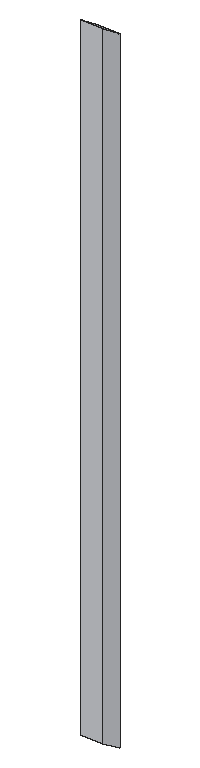
Revit family
Parameters (values of type "25mm")
  built-in parameter 1008623 [instance] = 32.47°
  built-in parameter 1008625 [instance] = (empty or 0)
  Post = no
  built-in parameter 1008624 [instance] = 32.47°
  폭 = 25 mm
  난간동자 재료 = none
  built-in parameter 1008622 [instance] = 750 mm
Types (3, lengths in mm): name | 폭
  (no name) | 25
  25mm | 25
  20mm | 20
Reference planes
  plane 1 "중심(앞/뒤)": y = 0
  plane 2: z = 0
  plane 3 "중심(왼쪽/오른쪽)": x = 0
  plane 4 "상단": z = 750
  plane 5 "상단 절단 각도": through (0, 339.699, 533.838) normal (0, -0.5369, -0.8437)
  plane 6: z = 850
  plane 7: x = -25
  plane 8: x = 25
  plane 9: y = 25
  plane 10: y = -25
  plane 11 "하단 절단 각도": through (0, 0, 0) normal (0, -0.5369, -0.8437)
  plane 12: z = -100
Forms (mm)
  Extrusion 1, solid, material <- "난간동자 재료"
    sketch origin (0, 0, 0) x (1, 0, 0) y (0, 1, 0)
      loop
        line (-12.5, 12.5) -> (-12.5, -12.5) -> (12.5, -12.5) -> (12.5, 12.5) -> (-12.5, 12.5)
    from -100 to 850
  Extrusion 2, void
    sketch origin (0, 0, 0) x (0, 1, 0) y (0, 0, 1)
      loop
        line (-25, 850) -> (-25, 765.908) -> (25, 734.092) -> (25, 850) -> (-25, 850)
      loop
        line (-25, -100) -> (25, -100) -> (25, -15.908) -> (-25, 15.908) -> (-25, -100)
    from -25 to 25
Cuts and joins
  Extrusion 2 cuts Extrusion 1
Dimensions and locks
  "built-in parameter 1008622": plane 2 to plane 4 "상단"
  locked: plane 4 "상단" to plane 6 at 100
  equal spacing: Extrusion 1 sketch curve, plane 3 "중심(왼쪽/오른쪽)", Extrusion 1 sketch curve
  equal spacing: Extrusion 1 sketch curve, plane 1 "중심(앞/뒤)", Extrusion 1 sketch curve
  "폭": Extrusion 1 sketch curve to Extrusion 1 sketch curve  (x2)
  "폭": plane 7 to plane 3 "중심(왼쪽/오른쪽)"
  "폭": plane 3 "중심(왼쪽/오른쪽)" to plane 8
  "폭": plane 10 to plane 1 "중심(앞/뒤)"
  "폭": plane 1 "중심(앞/뒤)" to plane 9
  locked: level to plane 12 at 100
  "built-in parameter 1008623": angle plane 4 "상단" to plane 5 "상단 절단 각도"
  "built-in parameter 1008624": angle level to plane 11 "하단 절단 각도"
  aligned and locked: Extrusion 1 to plane 6
  aligned and locked: Extrusion 2 to plane 7
  aligned and locked: plane 8 to Extrusion 2
  aligned and locked: plane 6 to Extrusion 2 sketch curve
  aligned and locked: plane 9 to Extrusion 2 sketch curve
  aligned and locked: plane 10 to Extrusion 2 sketch curve  (x2)
  aligned and locked: Extrusion 2 sketch curve to plane 5 "상단 절단 각도"
  aligned and locked: plane 12 to Extrusion 1
  aligned and locked: plane 12 to Extrusion 2 sketch curve
  aligned and locked: Extrusion 2 sketch curve to plane 9
  aligned and locked: Extrusion 2 sketch curve to plane 11 "하단 절단 각도"
